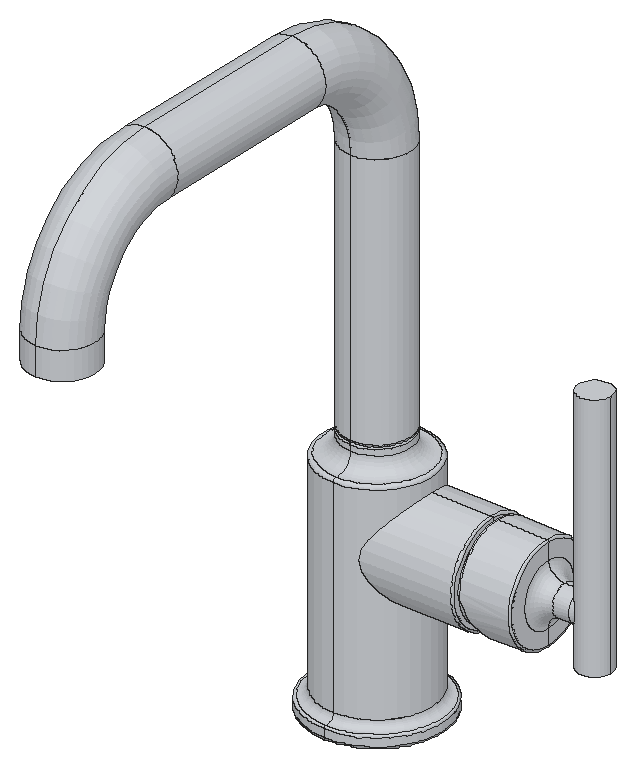
Revit family "Faucet-Kitchen-KOHLER-Purist-K-7509", category Plumbing Fixtures, host Face, Revit 2015
Parameters (values of type "CP Polished Chrome")
  Width = 2"  # constant formula
  WaterSense Certified = 1 = 0  # no
  Waste Water Outlet = "Waste Water Outlet"  # constant formula
  Waste Connection = 1 = 0  # no
  Vent Connection = 1 = 0  # no
  URL = "https://www.us.kohler.com/us/"
  Type = 1
  Spout Reach = Length  # 6"
  Product Page URL = "http://www.us.kohler.com/us/catalog/productDetails.jsp?productNumber=7509"
  Product Name = "Purist"  # constant formula
  Product Documentation Link = "https://www.us.kohler.com/webassets/kpna/catalog/pdf/en/K-7509_spec.pdf"
  Pressure = 60.00 psi  # constant formula
  Model = if(Type = 1, "K-7509-CP", if(Type = 2, "K-7509-SN", if(Type = 3, "K-7509-VS", if(Type = 4, "K-7509-BL", "NA"))))  # "K-7509-CP"
  Material = "Premium metal construction"  # constant formula
  MasterFormat 2004 = "22.41.39"  # constant formula
  MasterFormat 1995 = "15410"  # constant formula
  Manufacturer Address = "444 Highland Dr, Kohler, WI 53044"  # constant formula
  Manufacturer = "KOHLER Co."  # constant formula
  Length = 6"  # constant formula
  Hot Water Inlet = "Hot Water Inlet"  # constant formula
  Height = 9 7/8"  # constant formula
  Handle Clearance = 3"  # constant formula
  HW Connection = 1 = 1  # yes
  Flow Rate = 1.5 GPM  # constant formula
  Finish = Kohler-Metal-CP-Polished_Chrome
  Faucet Hole Spacing = 0"
  Environmental Product Declaration = ""
  Drain Included = 1 = 0  # no
  Description = "single-Hole Kitchen Sink Faucet With 6inch Spout"  # constant formula
  Default Elevation = 36"
  Declare Label = ""
  Date Modified = "02/12/2019"  # constant formula
  Date Created = "02/12/2019"  # constant formula
  Copyright = "Copyright KOHLER Co."  # constant formula
  Contact Us = "https://www.us.kohler.com/us/static/contact.jsp"
  Cold Water Inlet = "Cold Water Inlet"  # constant formula
  CW Connection = 1 = 1  # yes
  Assembly Code = "D2010"
  ADA Compliant = 1 = 1  # yes
Types (5): name | Type | Model | Finish
  (no name) | 1 | "K-7509-CP" | Kohler-Metal-CP-Polished_Chrome
  CP Polished Chrome | 1 | "K-7509-CP" | Kohler-Metal-CP-Polished_Chrome
  SN Vibrant Polished Nickel | 2 | "K-7509-SN" | Kohler-Metal-SN-Vibrant_Polished_Nickel
  VS Vibrant Stainless | 3 | "K-7509-VS" | Kohler-Metal-VS-Vibrant_Stainless
  BL Matte Black | 4 | "K-7509-BL" | Kohler-Metal-BL-Matte_Black
Reference planes (in)
  plane 1 "Center (Front/Back)": y = 0
  plane 2: z = 0
  plane 3 "Center (Left/Right)": x = 0
  plane 4: x = -1
  plane 5: x = 1
  plane 6: z = 5.5
  plane 7: x = 3.5625
  plane 8: y = -6
  plane 9: z = 7.375
  plane 10: z = 9.875
  plane 11: z = 2.5
Dimensions and locks (in)
  "Length": plane 8 to plane 1 "Center (Front/Back)"
  plane 9 to level = 7 3/8"
  "Width": plane 4 to plane 5
  "Handle Clearance": plane 6 to plane 11
  "Height": plane 10 to level
  aligned and locked: plane 2 to host face
  aligned and locked: level to host face
Automatic sketch dimensions
  host sketch curve to host sketch curve = 96"  (x2)
Nested families (in)
  nested 1: "K-7509" at (0, 0, 0), type "K-7509"
Connectors (in)
  piping at (-0.23249, 0, 0), diameter 0.375, driven by "Flow Rate", driven by "Pressure", driven by "HW Connection", driven by "Hot Water Inlet"
    settings: on nested 1, index 1, connector inside diameter 24", connector length 0", flow factor 0, pipe flow 1.5 GPM, pressure drop 60.00 psi, fitting loss kfactor 0, connector angle 0.00°, fixture units 0, engagement length 0", angle of deflection 0.00°, flow configuration 1, flow direction 1, fitting loss method 4, system type 19, joint type 0, gender type 0, connector reference index -1, connector utility 1, adjustable connector no, is connector primary yes, connector description "Hot Water Inlet"
  piping at (0.23285, 0, 0), diameter 0.375, driven by "Flow Rate", driven by "Pressure", driven by "CW Connection", driven by "Cold Water Inlet"
    settings: on nested 1, index 2, connector inside diameter 24", connector length 0", flow factor 0, pipe flow 1.5 GPM, pressure drop 60.00 psi, fitting loss kfactor 0, connector angle 0.00°, fixture units 0, engagement length 0", angle of deflection 0.00°, flow configuration 1, flow direction 1, fitting loss method 4, system type 20, joint type 0, gender type 0, connector reference index -1, connector utility 1, adjustable connector no, is connector primary no, connector description "Cold Water Inlet"
Definition of nested family "K-7509"
  Parameters (values of type "K-7509")
    Material = none
  Reference planes (in)
    plane 1 "Center (Front/Back)": y = 0
    plane 2: z = 0
    plane 3 "Center (Left/Right)": x = 0
    plane 4: x = 3.5625
    plane 5: x = -1
    plane 6 "b": x = 1
    plane 7: z = 5.5
    plane 8: y = -6
    plane 9 "A": z = 7.375
    plane 10: z = 9.875
    plane 11: y = -1
    plane 12: y = 1
    plane 13 "c": x = 3.06769
  Forms (in)
    Revolve 1, solid, material <- "Material", detail levels medium+fine
      sketch origin (0, 0, 0) x (0, 1, 0) y (0, 0, 1)
        loop
          arc (0.97136, 0) -> (0.99161, 0.00839) -> (1, 0.02864) r 0.02864
          line (1, 0.02864) -> (1, 0.15041)
          arc (1, 0.15041) -> (0.99006, 0.17287) -> (0.96675, 0.18061) r 0.03034
          arc (0.96675, 0.18061) -> (0.87078, 0.21251) -> (0.82994, 0.30502) r 0.12481
          line (0.82994, 0.30502) -> (0.82999, 3.43823)
          arc (0.82999, 3.43823) -> (0.81293, 3.47566) -> (0.77348, 3.48734) r 0.0496
          arc (0.77348, 3.48734) -> (0.58259, 3.54387) -> (0.50003, 3.72502) r 0.24002
          arc (0.50003, 3.72502) -> (0.49999, 3.76765) -> (0.49987, 3.81027) r 22.84641
          arc (0.49987, 3.81027) -> (0.49096, 3.83154) -> (0.46963, 3.84028) r 0.03013
          arc (0.46963, 3.84028) -> (0.49101, 3.84818) -> (0.50001, 3.86912) r 0.02888
          line (0.50001, 3.86912) -> (0, 3.86912) -> (0, 0) -> (0.97136, 0)
        axis (0, 0) -> (0, 3.86912)
      angle from 0 to 360
    Sweep 2, solid, material <- "Material", detail levels medium+fine
      path origin (0, 0, 0) x (0, 1, 0) y (0, 0, 1)
        loop
          line (0.50001, 3.86414) -> (0.50001, 7.76862)
          arc (0.50001, 7.76862) -> (-0.11693, 9.25805) -> (-1.60637, 9.875) r 2.10638
          line (-1.60637, 9.875) -> (-4.42205, 9.875)
          arc (-4.42205, 9.875) -> (-5.89138, 9.26638) -> (-6.5, 7.79705) r 2.07795
          line (-6.5, 7.79705) -> (-6.5, 7.375)
      profile origin (0, -6.5, 7.375) x (0, -1, 0) y (1, 0, 0)
        loop
          circle (-0.5, 0) r 0.5
    Revolve 3, solid, material <- "Material", detail levels medium+fine
      sketch origin (0, 0, 0) x (1, 0, 0) y (0, 0, 1)
        loop
          line (0.08022, 3.24002) -> (0.08022, 2.47531) -> (2.36385, 2.47531)
          arc (2.36385, 2.47531) -> (2.19153, 2.92324) -> (1.765, 3.14324) r 0.67458
          line (1.765, 3.14324) -> (1.765, 3.2102)
          arc (1.765, 3.2102) -> (1.75626, 3.23129) -> (1.73517, 3.24002) r 0.02983
          line (1.73517, 3.24002) -> (0.08022, 3.24002)
        axis (0.08022, 2.47531) -> (2.36385, 2.47531)
      angle from 0 to 360
    Extrusion 4, void, detail levels medium+fine
      sketch origin (0, 0, 0) x (1, 0, 0) y (0, 0, 1)
        loop
          arc (0, 4.28558) -> (-0.09002, 4.23892) -> (-0.12146, 4.14252) r 0.1338
          arc (-0.12146, 4.14252) -> (-0.08729, 4.05224) -> (0, 4.01102) r 0.12887
          arc (0, 4.01102) -> (0.08729, 4.05224) -> (0.12146, 4.14252) r 0.12887
          arc (0.12146, 4.14252) -> (0.09002, 4.23892) -> (0, 4.28558) r 0.1338
        loop
          arc (0, 4.63299) -> (-0.09002, 4.58632) -> (-0.12146, 4.48992) r 0.1338
          arc (-0.12146, 4.48992) -> (-0.08729, 4.39965) -> (0, 4.35843) r 0.12887
          arc (0, 4.35843) -> (0.08729, 4.39965) -> (0.12146, 4.48992) r 0.12887
          arc (0.12146, 4.48992) -> (0.09002, 4.58632) -> (0, 4.63299) r 0.1338
      from -0.52981 to -0.38913
    Revolve 5, solid, material <- "Material", detail levels medium+fine
      sketch origin (0, 0, 0) x (1, 0, 0) y (0, 0, 1)
        loop
          arc (1.84878, 3.22365) -> (1.82513, 3.21424) -> (1.81527, 3.19076) r 0.03289
          line (1.81527, 3.19076) -> (1.81527, 2.47564) -> (3.2581, 2.47564)
          arc (3.2581, 2.47564) -> (3.18481, 2.59194) -> (3.09665, 2.69741) r 1.02642
          arc (3.09665, 2.69741) -> (2.97709, 2.70575) -> (2.85724, 2.70579) r 1.73187
          arc (2.85724, 2.70579) -> (2.68479, 2.77209) -> (2.61263, 2.94217) r 0.23651
          line (2.61263, 2.94217) -> (2.61263, 3.18125)
          arc (2.61263, 3.18125) -> (2.6045, 3.20117) -> (2.58474, 3.20968) r 0.02843
          line (2.58474, 3.20968) -> (1.84878, 3.22365)
        axis (1.81527, 2.47564) -> (3.2581, 2.47564)
      angle from 0 to 360
    Extrusion 6, void, detail levels medium+fine
      sketch origin (0, 0, 0) x (1, 0, 0) y (0, 0, 1)
        loop
          line (1.78696, 2.62467) -> (1.78696, 1.62088) -> (2.19251, 1.62088) -> (2.1481, 1.7308) -> (1.78696, 2.62467)
      from -1.18087 to 1.31017
    Extrusion 7, void, detail levels medium+fine
      sketch origin (0, -6.5, 7.375) x (0, -1, 0) y (1, 0, 0)
        loop
          circle (-6.50262, 2.41312) r 0.11177
      from -5.65014 to -5.33612
    Extrusion 8, solid, material <- "Material", detail levels medium+fine
      sketch origin (0, 0, 0) x (1, 0, 0) y (0, 1, 0)
        loop
          circle (3.31509, 0) r 0.24741
      from 1.72486 to 5.5
    Extrusion 9, solid, material <- "Material", detail levels medium+fine
      sketch origin (0, -6.5, 7.375) x (0, -1, 0) y (1, 0, 0)
        loop
          line (-0.15492, -0.24162) -> (-0.21539, -0.19928)
          arc (-0.21539, -0.19928) -> (-0.25213, -0.24786) -> (-0.30071, -0.28461) r 0.22159
          line (-0.30071, -0.28461) -> (-0.25837, -0.34508)
          arc (-0.25837, -0.34508) -> (-0.19958, -0.30042) -> (-0.15492, -0.24162) r 0.2726
        loop
          line (-0.08974, 0.07352) -> (-0.16221, 0.05947)
          arc (-0.16221, 0.05947) -> (-0.15281, -0.00071) -> (-0.16016, -0.06117) r 0.22159
          line (-0.16016, -0.06117) -> (-0.08726, -0.07276)
          arc (-0.08726, -0.07276) -> (-0.0785, 0.00055) -> (-0.08974, 0.07352) r 0.2726
        loop
          arc (-0.84303, -0.2429) -> (-0.79736, -0.3009) -> (-0.73779, -0.34453) r 0.2726
          line (-0.73779, -0.34453) -> (-0.69651, -0.28333)
          arc (-0.69651, -0.28333) -> (-0.74573, -0.24744) -> (-0.78331, -0.19951) r 0.22159
          line (-0.78331, -0.19951) -> (-0.84303, -0.2429)
        loop
          arc (-0.91385, 0.0716) -> (-0.9225, -0.00172) -> (-0.91116, -0.07468) r 0.2726
          line (-0.91116, -0.07468) -> (-0.83871, -0.06053)
          arc (-0.83871, -0.06053) -> (-0.84819, -0.00036) -> (-0.84093, 0.06012) r 0.22159
          line (-0.84093, 0.06012) -> (-0.91385, 0.0716)
        loop
          arc (-0.16391, 0.23352) -> (-0.20844, 0.29242) -> (-0.26714, 0.3372) r 0.2726
          line (-0.26714, 0.3372) -> (-0.30961, 0.27682)
          arc (-0.30961, 0.27682) -> (-0.26111, 0.23997) -> (-0.22447, 0.19131) r 0.22159
          line (-0.22447, 0.19131) -> (-0.16391, 0.23352)
        loop
          line (-0.84014, 0.2387) -> (-0.77784, 0.1991)
          arc (-0.77784, 0.1991) -> (-0.7433, 0.24927) -> (-0.69641, 0.28815) r 0.22159
          line (-0.69641, 0.28815) -> (-0.74141, 0.34667)
          arc (-0.74141, 0.34667) -> (-0.79815, 0.29943) -> (-0.84014, 0.2387) r 0.2726
        loop
          line (-0.43045, -0.4112) -> (-0.4398, -0.33797)
          arc (-0.4398, -0.33797) -> (-0.50046, -0.34347) -> (-0.56033, -0.33224) r 0.22159
          line (-0.56033, -0.33224) -> (-0.57658, -0.40425)
          arc (-0.57658, -0.40425) -> (-0.50399, -0.41771) -> (-0.43045, -0.4112) r 0.2726
        loop
          arc (-0.42306, 0.40923) -> (-0.49563, 0.42283) -> (-0.56918, 0.41646) r 0.2726
          line (-0.56918, 0.41646) -> (-0.55997, 0.34322)
          arc (-0.55997, 0.34322) -> (-0.4993, 0.3486) -> (-0.43945, 0.33725) r 0.22159
          line (-0.43945, 0.33725) -> (-0.42306, 0.40923)
      from -0.0122 to 0.13411
    Extrusion 10, void, detail levels medium+fine
      sketch origin (0, -6.5, 7.375) x (0, -1, 0) y (1, 0, 0)
        loop
          circle (-0.49801, 0.00198) r 0.31828
      from 0 to 0.05931
    Revolve 11, solid, material <- "Material", detail levels coarse
      sketch origin (0, 0, 0) x (1, 0, 0) y (0, 0, 1)
        loop
          line (0, 0) -> (1, 0) -> (1, 3.36914)
          arc (1, 3.36914) -> (0.72031, 3.58943) -> (0.50001, 3.86912) r 1.50902
          line (0.50001, 3.86912) -> (0.50001, 7.375) -> (0, 7.375) -> (0, 0)
        axis (0, 0) -> (0, 7.375)
      angle from 0 to 360
    Revolve 12, solid, material <- "Material", detail levels coarse
      sketch origin (0, 0, 0) x (1, 0, 0) y (0, 0, 1)
        loop
          line (0.74217, 3.25558) -> (0.74217, 2.47438) -> (3.13906, 2.47438)
          arc (3.13906, 2.47438) -> (3.29233, 2.62765) -> (3.13906, 2.78091) r 0.15327
          arc (3.13906, 2.78091) -> (2.80342, 2.91994) -> (2.66439, 3.25558) r 0.47467
          line (2.66439, 3.25558) -> (0.74217, 3.25558)
        axis (0.74217, 2.47438) -> (3.13906, 2.47438)
      angle from 0 to 360
    Extrusion 13, solid, material <- "Material", detail levels coarse
      sketch origin (0, -6.5, 0) x (0, -1, 0) y (1, 0, 0)
        loop
          circle (-6.50269, 3.3137) r 0.30077
      from 1.34663 to 5.86267
    Extrusion 14, solid, material <- "Material", detail levels medium+fine
      sketch origin (0, -6.5, 0) x (0, -1, 0) y (1, 0, 0)
        loop
          circle (-6.5, 0.23285) r 0.1875
        loop
          circle (-6.5, -0.23249) r 0.1875
      from 0 to 0.17261
    Sweep 15, solid, material <- "Material", detail levels coarse
      path origin (0, 0, 0) x (0, 1, 0) y (0, 0, 1)
        loop
          line (0.50176, 7.375) -> (0.50176, 7.875)
          arc (0.50176, 7.875) -> (-0.08402, 9.28921) -> (-1.49824, 9.875) r 2
          line (-1.49824, 9.875) -> (-4.49949, 9.875)
          arc (-4.49949, 9.875) -> (-5.91298, 9.28994) -> (-6.49949, 7.87705) r 2
          line (-6.49949, 7.87705) -> (-6.5, 7.375)
      profile origin (0, -6.5, 7.375) x (0, 0.999999, -0.001025) y (1, 0, 0)
        loop
          circle (0.50197, 0) r 0.50197
  Cuts and joins
    Extrusion 4, Extrusion 10 cuts Sweep 2
    Extrusion 6, Extrusion 7 cuts Revolve 5
    joined: Sweep 2, Revolve 3, Revolve 5, Extrusion 8
    joined: Revolve 11, Revolve 12, Extrusion 13
  Lines and regions (in)
    Masking region 1
      outline origin (0, 0, 0) x (1, 0, 0) y (0, 0, 1)
        loop
          arc (-0.50001, 3.86912) -> (-0.49212, 3.84892) -> (-0.47262, 3.83943) r 0.02979
          arc (-0.47262, 3.83943) -> (-0.49192, 3.83213) -> (-0.50001, 3.81315) r 0.0263
          line (-0.50001, 3.81315) -> (-0.50001, 3.73034)
          arc (-0.50001, 3.73034) -> (-0.58219, 3.54856) -> (-0.77295, 3.49015) r 0.24216
          arc (-0.77295, 3.49015) -> (-0.81281, 3.47794) -> (-0.82999, 3.43995) r 0.05061
          line (-0.82999, 3.43995) -> (-0.82999, 0.32383)
          arc (-0.82999, 0.32383) -> (-0.86358, 0.21874) -> (-0.96741, 0.18143) r 0.12472
          arc (-0.96741, 0.18143) -> (-0.99022, 0.17417) -> (-1, 0.15232) r 0.02929
          line (-1, 0.15232) -> (-1, 0.02608)
          arc (-1, 0.02608) -> (-0.99236, 0.00764) -> (-0.97392, 0) r 0.02608
          line (-0.97392, 0) -> (0.97308, 0)
          arc (0.97308, 0) -> (0.99212, 0.00788) -> (1, 0.02692) r 0.02692
          line (1, 0.02692) -> (1, 0.14997)
          arc (1, 0.14997) -> (0.98969, 0.17324) -> (0.96553, 0.18123) r 0.0314
          arc (0.96553, 0.18123) -> (0.86293, 0.21943) -> (0.82999, 0.32383) r 0.12472
          line (0.82999, 0.32383) -> (0.82999, 1.71062) -> (1.73595, 1.71062)
          arc (1.73595, 1.71062) -> (1.75649, 1.71913) -> (1.765, 1.73968) r 0.02905
          line (1.765, 1.73968) -> (1.765, 1.80739)
          arc (1.765, 1.80739) -> (1.92557, 1.8443) -> (2.07089, 1.92192) r 0.62431
          line (2.07089, 1.92192) -> (2.14709, 1.7333) -> (2.58729, 1.74163)
          arc (2.58729, 1.74163) -> (2.60525, 1.74937) -> (2.61265, 1.76747) r 0.02584
          line (2.61265, 1.76747) -> (2.61265, 2.01924)
          arc (2.61265, 2.01924) -> (2.6861, 2.17988) -> (2.8505, 2.2445) r 0.23592
          arc (2.8505, 2.2445) -> (2.95922, 2.24377) -> (3.06769, 2.25126) r 1.43696
          line (3.06769, 2.25126) -> (3.06769, 1.72486) -> (3.5625, 1.72486) -> (3.5625, 5.5) -> (3.06769, 5.5) -> (3.06769, 2.69993)
          arc (3.06769, 2.69993) -> (2.95922, 2.70742) -> (2.8505, 2.70669) r 1.43696
          arc (2.8505, 2.70669) -> (2.6861, 2.77131) -> (2.61265, 2.93195) r 0.23592
          line (2.61265, 2.93195) -> (2.61265, 3.18372)
          arc (2.61265, 3.18372) -> (2.60525, 3.20182) -> (2.58729, 3.20956) r 0.02584
          line (2.58729, 3.20956) -> (1.84764, 3.22355)
          arc (1.84764, 3.22355) -> (1.82479, 3.21447) -> (1.81528, 3.1918) r 0.03176
          line (1.81528, 3.1918) -> (1.81528, 3.13561) -> (1.765, 3.14326) -> (1.765, 3.21098)
          arc (1.765, 3.21098) -> (1.75649, 3.23152) -> (1.73595, 3.24003) r 0.02905
          line (1.73595, 3.24003) -> (0.82999, 3.24003) -> (0.82999, 3.43976)
          arc (0.82999, 3.43976) -> (0.81277, 3.47787) -> (0.77278, 3.49013) r 0.05078
          arc (0.77278, 3.49013) -> (0.58213, 3.54861) -> (0.50001, 3.73034) r 0.24216
          line (0.50001, 3.73034) -> (0.50001, 3.81315)
          arc (0.50001, 3.81315) -> (0.49192, 3.83213) -> (0.47262, 3.83943) r 0.0263
          arc (0.47262, 3.83943) -> (0.49212, 3.84892) -> (0.50001, 3.86912) r 0.02979
          line (0.50001, 3.86912) -> (0.50001, 9.37571)
          arc (0.50001, 9.37571) -> (0, 9.87572) -> (-0.50001, 9.37571) r 0.50001
          line (-0.50001, 9.37571) -> (-0.50001, 3.86912)
    Masking region 2
      outline origin (3.06769, 0, 0) x (0, 0, 1) y (0, -1, 0)
        loop
          line (0.02775, -1) -> (0.15073, -1)
          arc (0.15073, -1) -> (0.1738, -0.98975) -> (0.18164, -0.96575) r 0.03107
          arc (0.18164, -0.96575) -> (0.21272, -0.8707) -> (0.30411, -0.83008) r 0.12311
          line (0.30411, -0.83008) -> (3.45161, -0.83008)
          arc (3.45161, -0.83008) -> (3.48223, -0.81562) -> (3.49053, -0.78278) r 0.03967
          arc (3.49053, -0.78278) -> (3.52921, -0.60137) -> (3.687, -0.50384) r 0.23618
          arc (3.687, -0.50384) -> (3.72666, -0.49988) -> (3.76652, -0.49997) r 0.39316
          arc (3.76652, -0.49997) -> (3.7885, -0.50053) -> (3.81048, -0.4999) r 0.4057
          arc (3.81048, -0.4999) -> (3.83101, -0.49064) -> (3.84, -0.47) r 0.03129
          arc (3.84, -0.47) -> (3.84822, -0.49116) -> (3.86912, -0.50001) r 0.02915
          line (3.86912, -0.50001) -> (7.76344, -0.50176)
          arc (7.76344, -0.50176) -> (9.25648, 0.11608) -> (9.875, 1.60885) r 2.11061
          line (9.875, 1.60885) -> (9.875, 4.44545)
          arc (9.875, 4.44545) -> (9.27411, 5.89717) -> (7.82301, 6.49954) r 2.0541
          line (7.82301, 6.49954) -> (7.375, 6.5) -> (7.375, 6.46072) -> (7.3628, 6.42154) -> (7.3628, 5.57745) -> (7.375, 5.54392) -> (7.375, 5.5) -> (7.74746, 5.50038)
          arc (7.74746, 5.50038) -> (8.54878, 5.1689) -> (8.88011, 4.36752) r 1.13149
          line (8.88011, 4.36752) -> (8.87679, 1.61438)
          arc (8.87679, 1.61438) -> (8.55022, 0.82774) -> (7.76333, 0.50176) r 1.11396
          line (7.76333, 0.50176) -> (3.86912, 0.50001)
          arc (3.86912, 0.50001) -> (3.84822, 0.49116) -> (3.84, 0.47) r 0.02915
          arc (3.84, 0.47) -> (3.83101, 0.49064) -> (3.81048, 0.4999) r 0.03129
          arc (3.81048, 0.4999) -> (3.7885, 0.50053) -> (3.76652, 0.49997) r 0.4057
          arc (3.76652, 0.49997) -> (3.72666, 0.49988) -> (3.687, 0.50384) r 0.39316
          arc (3.687, 0.50384) -> (3.52915, 0.60145) -> (3.49057, 0.78298) r 0.23618
          arc (3.49057, 0.78298) -> (3.48233, 0.81568) -> (3.45184, 0.83008) r 0.03948
          line (3.45184, 0.83008) -> (0.30784, 0.83008)
          arc (0.30784, 0.83008) -> (0.21299, 0.87191) -> (0.17992, 0.97015) r 0.12845
          arc (0.17992, 0.97015) -> (0.17287, 0.99109) -> (0.15266, 1) r 0.02737
          line (0.15266, 1) -> (0.02858, 1)
          arc (0.02858, 1) -> (0.00837, 0.99163) -> (0, 0.97142) r 0.02858
          line (0, 0.97142) -> (0, -0.97225)
          arc (0, -0.97225) -> (0.00813, -0.99187) -> (0.02775, -1) r 0.02775
    Masking region 3
      outline origin (0, 0, 0) x (1, 0, 0) y (0, 1, 0)
        loop
          arc (-0.5, -6) -> (0, -6.5) -> (0.5, -6) r 0.5
          line (0.5, -6) -> (0.5, -0.86535) -> (0.64203, -0.76591) -> (1.73653, -0.76591)
          arc (1.73653, -0.76591) -> (1.75666, -0.75757) -> (1.765, -0.73744) r 0.02847
          line (1.765, -0.73744) -> (1.765, -0.66792) -> (1.81527, -0.65996) -> (1.81527, -0.71295)
          arc (1.81527, -0.71295) -> (1.8258, -0.73802) -> (1.85106, -0.74806) r 0.03511
          line (1.85106, -0.74806) -> (2.58635, -0.73399)
          arc (2.58635, -0.73399) -> (2.60479, -0.72605) -> (2.61238, -0.70746) r 0.02653
          line (2.61238, -0.70746) -> (2.61238, -0.46292)
          arc (2.61238, -0.46292) -> (2.68614, -0.29223) -> (2.86099, -0.22897) r 0.23438
          arc (2.86099, -0.22897) -> (2.97898, -0.23075) -> (3.09665, -0.22177) r 1.29299
          line (3.09665, -0.22177) -> (3.13924, -0.17403)
          arc (3.13924, -0.17403) -> (3.5625, 0) -> (3.13924, 0.17403) r 0.24741
          line (3.13924, 0.17403) -> (3.09665, 0.22177)
          arc (3.09665, 0.22177) -> (2.97898, 0.23075) -> (2.86099, 0.22897) r 1.29299
          arc (2.86099, 0.22897) -> (2.68614, 0.29223) -> (2.61238, 0.46292) r 0.23438
          line (2.61238, 0.46292) -> (2.61238, 0.7335) -> (1.85106, 0.74806)
          arc (1.85106, 0.74806) -> (1.8258, 0.73802) -> (1.81527, 0.71295) r 0.03511
          line (1.81527, 0.71295) -> (1.81527, 0.65996) -> (1.765, 0.66792) -> (1.765, 0.73744)
          arc (1.765, 0.73744) -> (1.75666, 0.75757) -> (1.73653, 0.76591) r 0.02847
          line (1.73653, 0.76591) -> (0.64239, 0.76591)
          arc (0.64239, 0.76591) -> (-0.81919, 0.57391) -> (-0.5, -0.86526) r 0.99955
          line (-0.5, -0.86526) -> (-0.5, -6)
    symbolic lines, detail levels medium+fine
      curve 1: line (-0.50001, 0, 7.50823) -> (0.50001, 0, 7.50823)
      curve 2: line (-0.5, 0, 7.375) -> (0.5, 0, 7.375)
      curve 3: line (-0.50001, 0, 7.3628) -> (0.42316, 0, 7.3628)
      curve 4: line (0.42316, 0, 7.3628) -> (0.50001, 0, 7.3628)
      curve 5: line (-0.47262, 0, 3.83943) -> (0.47262, 0, 3.83943)
      curve 6: line (-0.5, 0, 3.86912) -> (0.5, 0, 3.86912)
      curve 7: line (1.81528, 0, 3.13561) -> (1.81528, 0, 2.54914)
      curve 8: line (1.81528, 0, 2.54914) -> (2.14709, 0, 1.7333)
      curve 9: line (1.765, 0, 3.14324) -> (1.765, 0, 1.80739)
      curve 10: arc (1.765, 0, 1.80739) -> (1.92534, 0, 1.84421) -> (2.07049, 0, 1.92163) r 0.62431
      curve 11: line (-0.82861, 0, 0.30535) -> (0.82861, 0, 0.30535)
      curve 12: line (-0.95333, 0, 0.18063) -> (0.95333, 0, 0.18063)
      curve 13: line (-0.74217, 0, 3.48819) -> (0.74217, 0, 3.48819)
      curve 14: arc (3.06769, 0, 1.7106) -> (3.06769, -0.07384, 1.71418) -> (3.06769, -0.14699, 1.72486) r 0.76471
      curve 15: spline (3.06769, -0.74489, 2.47156) -> (3.06769, -0.74301, 2.39766) -> (3.06769, -0.73299, 2.32432) -> (3.06769, -0.71493, 2.25231) -> (3.06769, -0.68902, 2.18239) -> (3.06769, -0.65554, 2.1153) -> (3.06769, -0.61482, 2.05174) -> (3.06769, -0.56731, 1.99237) -> (3.06769, -0.5135, 1.93781) -> (3.06769, -0.45396, 1.88865) -> (3.06769, -0.3893, 1.84539) -> (3.06769, -0.32021, 1.80849) -> (3.06769, -0.24741, 1.77834)
      curve 16: line (3.06769, -0.24741, 1.72486) -> (3.06769, 0.24741, 1.72486)
      curve 17: arc (3.06769, 0, 2.25386) -> (3.06769, -0.22177, 2.47564) -> (3.06769, 0, 2.69741) r 0.22177
      curve 18: arc (3.06769, 0, 2.69741) -> (3.06769, 0.22177, 2.47564) -> (3.06769, 0, 2.25386) r 0.22177
      curve 19: line (3.06769, 0.24741, 1.72486) -> (3.06769, 0.24741, 5.5)
      curve 20: line (3.06769, 0.24741, 5.5) -> (3.06769, -0.24741, 5.5)
      curve 21: line (3.06769, -0.24741, 5.5) -> (3.06769, -0.24741, 1.72486)
      curve 22: arc (3.06769, -0.74489, 2.47156) -> (3.06769, -0.60793, 2.90201) -> (3.06769, -0.24741, 3.17417) r 0.74489
      curve 23: arc (3.06769, -0.24741, 1.75173) -> (3.06769, -0.28733, 1.76664) -> (3.06769, -0.32637, 1.78375) r 0.76471
      curve 24: arc (3.06769, 0.14699, 1.72486) -> (3.06769, 0.07384, 1.71418) -> (3.06769, 0, 1.7106) r 0.76471
      curve 25: spline (3.06769, 0.24741, 1.77834) -> (3.06769, 0.32021, 1.80849) -> (3.06769, 0.3893, 1.84539) -> (3.06769, 0.45396, 1.88865) -> (3.06769, 0.5135, 1.93781) -> (3.06769, 0.56731, 1.99237) -> (3.06769, 0.61482, 2.05174) -> (3.06769, 0.65554, 2.1153) -> (3.06769, 0.68902, 2.18239) -> (3.06769, 0.71493, 2.25231) -> (3.06769, 0.73299, 2.32432) -> (3.06769, 0.74301, 2.39766) -> (3.06769, 0.74489, 2.47156)
      curve 26: arc (3.06769, 0.24741, 1.8549) -> (3.06769, 0.66792, 2.47531) -> (3.06769, 0.24741, 3.09572) r 0.66792
      curve 27: arc (3.06769, -0.32637, 1.78375) -> (3.06769, -0.76352, 2.51792) -> (3.06769, -0.24741, 3.1989) r 0.76471
      curve 28: arc (3.06769, -0.24741, 3.09572) -> (3.06769, -0.66792, 2.47531) -> (3.06769, -0.24741, 1.8549) r 0.66792
      curve 29: arc (3.06769, 0.24741, 3.1989) -> (3.06769, 0.76471, 2.47531) -> (3.06769, 0.24741, 1.75173) r 0.76471
      curve 30: arc (3.06769, 0.24741, 3.17417) -> (3.06769, 0.60793, 2.90201) -> (3.06769, 0.74489, 2.47156) r 0.74489
      curve 31: line (3.06769, -0.83008, 0.30784) -> (3.06769, 0.83014, 0.30784)
      curve 32: line (3.06769, -0.9105, 0.18871) -> (3.06769, 0.91032, 0.18871)
      curve 33: line (3.06769, -0.47, 3.84) -> (3.06769, -0.24741, 3.84)
      curve 34: line (3.06769, 0.47, 3.84) -> (3.06769, 0.24741, 3.84)
      curve 35: line (3.06769, -0.50053, 3.7885) -> (3.06769, -0.24741, 3.7885)
      curve 36: line (3.06769, 0.24741, 3.7885) -> (3.06769, 0.50053, 3.7885)
      curve 37: line (3.06769, -0.83008, 3.45184) -> (3.06769, -0.24741, 3.45184)
      curve 38: line (3.06769, 0.83008, 3.45161) -> (3.06769, 0.24741, 3.45161)
      curve 39: line (3.06769, -6.49985, 7.50656) -> (3.06769, -5.50015, 7.50656)
      curve 40: line (3.06769, -6.46072, 7.375) -> (3.06769, -5.54392, 7.375)
      curve 41: line (3.06769, 0.24741, 3.48613) -> (3.06769, 0.73736, 3.48613)
      curve 42: arc (0.50001, -0.65966, 0) -> (-0.00113, 0.82775, 0) -> (-0.49821, -0.66103, 0) r 0.82775
      curve 43: line (0.64239, 0.76591, 0) -> (0.31394, 0.76591, 0)
      curve 44: line (-0.49821, -0.04243, 0) -> (-0.49821, -0.86414, 0)
      curve 45: line (0.50001, -0.04243, 0) -> (0.50001, -0.86796, 0)
      curve 46: arc (-0.49821, -0.04243, 0) -> (0.0009, 0.45668, 0) -> (0.50001, -0.04243, 0) r 0.49911
      curve 47: line (0.64203, -0.76591, 0) -> (0.50001, -0.76591, 0)
      curve 48: line (1.81527, 0.65996, 0) -> (1.81527, -0.65996, 0)
      curve 49: line (1.765, 0.66792, 0) -> (1.765, -0.66792, 0)
      curve 50: line (2.61238, 0.46292, 0) -> (2.61238, -0.46292, 0)
      curve 51: arc (3.13924, 0.17403, 0) -> (3.06769, 0, 0) -> (3.13924, -0.17403, 0) r 0.24741
      curve 52: line (3.06769, 0, 2.69993) -> (3.06769, 0, 2.25126)
      curve 53: line (3.06769, -0.24741, 3.48613) -> (3.06769, -0.73736, 3.48613)
  Dimensions and locks (in)
    plane 7 to level = 5 1/2"
    plane 4 to plane 3 "Center (Left/Right)" = 3 9/16"
    plane 6 "b" to plane 5 = 2"
    plane 10 to level = 9 7/8"
    plane 8 to plane 1 "Center (Front/Back)" = 6"
    plane 9 "A" to level = 7 3/8"
    aligned and locked: plane 2 to level
